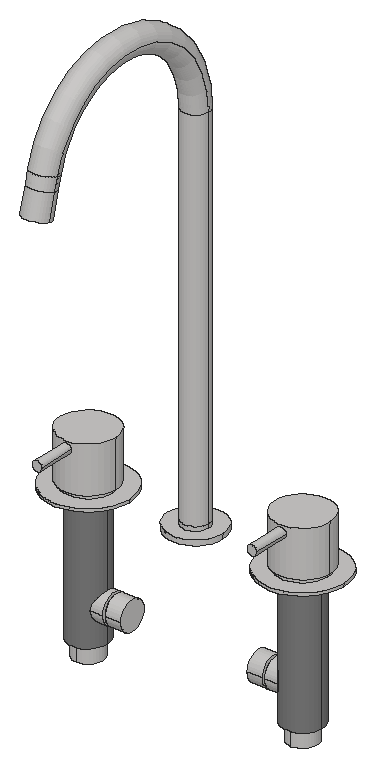
Revit family "HV10", category Generic Models, Revit 2021
Family settings
  Can host rebar = No
  Round Connector Dimension = Use Diameter
  Part Type = Normal
  Work Plane-Based = No
  Always vertical = Yes
  Cut with Voids When Loaded = No
  Shared = No
  Room Calculation Point = No
Parameters (values of type "Standard")
  e-mail = "info@vola.com"
  URL = "http://vola.com"
  Telephone = "+45 7023 5500"
  Quality management standard = "ISO 9001"
  Organisation no. / DUNS no. = "17531328"
  Occupational health and safety management standard = "ISO 18001"
  Mounting Instructions = "http://vola.com/service/producturl.ashx?name=HV10"
  Model = "HV10"
  Materials and components information = "http://vola.com/service/producturl.ashx?name=HV10"
  Manufacturer = "VOLA A/S"
  Maintenance Instructions = "http://vola.com/service/producturl.ashx?name=HV10"
  Guarantee = "2 years"
  Flow = "9,00 l/min"
  Environmental management standard = "ISO 14000"
  Default Elevation = 0.00 mm
  Connection - All relevant connections = "10mm flexible hose"
  Approvals = "http://vola.com/service/producturl.ashx?name=HV10"
Reference planes
  plane 1 "Center (Front/Back)": y = 0
  plane 2: z = 0
  plane 3 "Center (Left/Right)": x = 0
Dimensions and locks
  aligned and locked: plane 2 to level
Nested families
  nested 1: "090V" at (0, 0, 0), type "090V"
  nested 2: "S50" at (78, 0, 0), type "S50"
  nested 3: "S50" at (-78, 0, 0) x (-1, 0, 0) z (0, 0, 1), type "S50"
  nested 4: "001" at (-78, 0, 0), type "001"
  nested 5: "001" at (78, 0, 0), type "001"
Connectors
  piping at (-78, 0, -110), diameter 20.9
    settings: on nested 3, index 1, connector inside diameter 0.82283", connector length 0.00 mm, flow factor 0, pipe flow 0 GPM, pressure drop 0.00 psi, fitting loss kfactor 0, connector angle 0.00°, fixture units 0, engagement length 0.00 mm, angle of deflection 0.00°, flow configuration 0, flow direction 1, fitting loss method 0, system type 19, joint type 0, gender type 0, connector reference index -1, connector utility 0, adjustable connector no, is connector primary yes, connector description ""
  piping at (78, 0, -110), diameter 20.9
    settings: on nested 2, index 2, connector inside diameter 0.82283", connector length 0.00 mm, flow factor 0, pipe flow 0 GPM, pressure drop 0.00 psi, fitting loss kfactor 0, connector angle 0.00°, fixture units 0, engagement length 0.00 mm, angle of deflection 0.00°, flow configuration 0, flow direction 1, fitting loss method 0, system type 20, joint type 0, gender type 0, connector reference index -1, connector utility 0, adjustable connector no, is connector primary no, connector description ""
Definition of nested family "090V"
  Parameters
    e-mail = "info@vola.com"
    URL = "http://vola.com"
    Telephone = "+45 7023 5500"
    Quality management standard = "ISO 9001"
    Organisation no. / DUNS no. = "17531328"
    Occupational health and safety management standard = "ISO 18001"
    Mounting Instructions = "http://vola.com/service/producturl.ashx?name=090V"
    Model = "090V"
    Materials and components information = "http://vola.com/service/producturl.ashx?name=090V"
    Manufacturer = "VOLA A/S"
    Maintenance Instructions = "http://vola.com/service/producturl.ashx?name=090V"
    Guarantee = "2 years"
    Environmental management standard = "ISO 14000"
    Default Elevation = 0.00 mm
    Connection - All relevant connections = ""
    Approvals = "http://vola.com/service/producturl.ashx?name=090V"
  Reference planes
    plane 1 "Center (Front/Back)": y = 0
    plane 2: z = 0
    plane 3 "Center (Left/Right)": x = 0
  Forms (mm)
    Sweep 1, solid
      path origin (0, 0, 0) x (0, 1, 0) y (0, 0, 1)
        loop
          line (-139.61, 283.88) -> (-137.281, 292.573)
          arc (-137.281, 292.573) -> (-60.715, 343.733) -> (0, 274.5) r 69.83
          line (0, 274.5) -> (0, 6.5)
      profile origin (0, 0, 140.5) x (1, 0, 0) y (0, 1, 0)
        loop
          circle (0, 0) r 9.5
    Extrusion 2, solid
      sketch origin (0, 0, 0) x (1, 0, 0) y (0, 1, 0)
        loop
          circle (0, 0) r 20
      from 0 to 3.5
    Extrusion 3, solid
      sketch origin (0, 0, 3.5) x (1, 0, 0) y (0, 1, 0)
        loop
          circle (0, 0) r 9.5
      from 0 to 3
    Extrusion 4, solid
      sketch origin (0, -139.61, 283.88) x (0, 0.965926, -0.258819) y (1, 0, 0)
        loop
          circle (0, 0) r 9.5
      from 0 to 18.5
  Cuts and joins
    joined: Sweep 1, Extrusion 2
  Dimensions and locks
    aligned and locked: plane 2 to level
Definition of nested family "S50"
  Parameters
    e-mail = "info@vola.com"
    URL = "http://vola.com"
    Telephone = "+45 7023 5500"
    Quality management standard = "ISO 9001"
    Organisation no. / DUNS no. = "17531328"
    Occupational health and safety management standard = "ISO 18001"
    Mounting Instructions = "http://vola.com/service/producturl.ashx?name=S50"
    Model = "S50"
    Materials and components information = "http://vola.com/service/producturl.ashx?name=S50"
    Manufacturer = "VOLA A/S"
    Maintenance Instructions = "http://vola.com/service/producturl.ashx?name=S50"
    Guarantee = "2 years"
    Flow = "32,00 l/min"
    Environmental management standard = "ISO 14000"
    Default Elevation = 0.00 mm
    Connection - All relevant connections = "½\" for water connection"
    Approvals = "http://vola.com/service/producturl.ashx?name=S50"
  Reference planes
    plane 1 "Center (Front/Back)": y = 0
    plane 2: z = 0
    plane 3 "Center (Left/Right)": x = 0
  Forms (mm)
    Extrusion 1, solid
      sketch origin (0, 0, 2) x (1, 0, 0) y (0, 1, 0)
        loop
          circle (0, 0) r 18
      from 0 to 3
    Extrusion 2, solid
      sketch origin (0, 0, 5) x (1, 0, 0) y (0, 1, 0)
        loop
          circle (0, 0) r 20
      from 0 to 33.5
    Extrusion 3, solid
      sketch origin (0, 0, -1.25) x (1, 0, 0) y (0, 0, 1)
        loop
          circle (0, 34.5) r 3.5
      from 0 to 46
    Extrusion 4, solid
      sketch origin (0, 0, 0) x (1, 0, 0) y (0, 1, 0)
        loop
          circle (0, 0) r 14
      from 2 to -98
    Extrusion 5, solid
      sketch origin (0, 0, -98) x (0, 1, 0) y (1, 0, 0)
        loop
          circle (0, 0) r 9
      from 0 to 2
    Extrusion 6, solid
      sketch origin (0, 0, -100) x (-1, 0, 0) y (0, 1, 0)
        loop
          circle (0, 0) r 10.45
      from 10 to 0
    Extrusion 7, solid
      sketch origin (0, 0, 25) x (0, 1, 0) y (0, 0, 1)
        loop
          circle (0, -98) r 10.5
      from -19 to 0
    Extrusion 8, solid
      sketch origin (-19, 0, 25) x (0, -1, 0) y (0, 0, 1)
        loop
          circle (0, -98) r 9
      from 2 to 0
    Extrusion 9, solid
      sketch origin (-21, 0, 25) x (0, -1, 0) y (0, 0, 1)
        loop
          circle (0, -98) r 10.45
      from 11 to 0
    Extrusion 10, void
      sketch origin (0, 0, -98) x (1, 0, 0) y (0, 1, 0)
        loop
          circle (0, 0) r 14
      from 41.193 to 9.651
  Cuts and joins
    joined: Extrusion 2, Extrusion 3
    Extrusion 10 cuts Extrusion 5
    Extrusion 10 cuts Extrusion 7
  Lines and regions (mm)
    reference lines
      curve 1: line (0, 0, -110) -> (0, 0, -140)
      curve 2: line (-32, 0, -73) -> (-62, 0, -73)
    model lines
      curve 3: line (6.05, 19.063, 38.5) -> (6.05, -19.063, 38.5)
      curve 4: line (-6.05, -19.063, 38.5) -> (-6.05, 19.063, 38.5)
  Dimensions and locks
    aligned and locked: plane 2 to level
Definition of nested family "001"
  Parameters
    e-mail = "info@vola.com"
    URL = "http://vola.com"
    Telephone = "+45 7023 5500"
    Quality management standard = "ISO 9001"
    Organisation no. / DUNS no. = "17531328"
    Occupational health and safety management standard = "ISO 18001"
    Mounting Instructions = "http://vola.com/service/producturl.ashx?name=001"
    Model = "001"
    Materials and components information = "http://vola.com/service/producturl.ashx?name=001"
    Manufacturer = "VOLA A/S"
    Maintenance Instructions = "http://vola.com/service/producturl.ashx?name=001"
    Guarantee = "2 years"
    Environmental management standard = "ISO 14000"
    Default Elevation = 1219.20 mm
    Connection - All relevant connections = ""
    Approvals = "http://vola.com/service/producturl.ashx?name=001"
  Reference planes
    plane 1 "Center (Front/Back)": y = 0
    plane 2: z = 0
    plane 3 "Center (Left/Right)": x = 0
  Forms (mm)
    Extrusion 1, solid
      sketch origin (0, 0, 0) x (1, 0, 0) y (0, 1, 0)
        loop
          circle (0, 0) r 16.5
        loop
          circle (0, 0) r 30
      from 0 to 2
  Dimensions and locks
    aligned and locked: plane 2 to level
